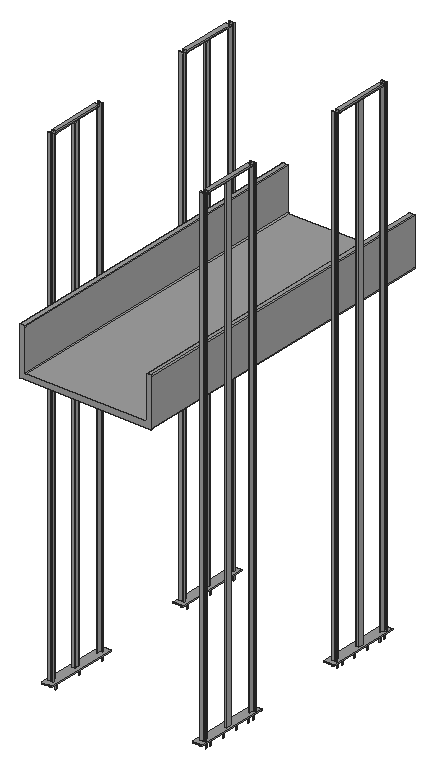
Revit family "SE_Trez_TC_4C_6000_With_Pit", category Specialty Equipment, Revit 2019
Family settings
  Round Connector Dimension = Use Diameter
  Part Type = Normal
  Work Plane-Based = No
  Always vertical = Yes
  Cut with Voids When Loaded = Yes
  Shared = No
  Room Calculation Point = No
Parameters (values of type "Platform-2000x5400mm with Door Height 2500mm")
  Shaft = TREZ_Shaft_Space
  Safe Working Load = 6000.00 kg  # constant formula
  Safe Space = if(Cabin or Platform = Cabin, 900.0 mm, if(and(Cabin or Platform = Platform, Door Clear Height > 1900.0 mm), 600.0 mm, 0.0 mm))  # 600.0 mm
  Platform = Speciality_Equipment_Trez_Platform : Platform
  Door Clear Width = Clear Width  # 2000.0 mm
  Door Clear Height = 2500.0 mm
  Clear Width = 2000.0 mm
  URL = "https://trez.bg/en/products/goods-only-lift-tc/tc-4c-four-cylinder-lift/"
  Shaft Width = Real Width + 2 * Clearance  # 2740.0 mm
  Shaft Depth = Real Depth + 100.0 mm  # 5500.0 mm
  Tower Cladding Material = TREZ_Steel_Cladding
  Real Width = if(Clear Width < 1300.0 mm, 1300.0 mm, if(Clear Width > 2000.0 mm, 2000.0 mm, Clear Width))  # 2000.0 mm
  Real Depth = if(Clear Depth < 2600.0 mm, 2600.0 mm, if(Clear Depth > 5400.0 mm, 5400.0 mm, Clear Depth))  # 5400.0 mm
  Profiles Material = TREZ_Steel
  Platform Material = TREZ_Steel
  Pit Height = 500.0 mm  # constant formula
  Travel = 4500.0 mm
  Rail Height = Travel + Pit Height + Headroom  # 8100.0 mm
  Model = "TC 4C 6000"
  Manufacturer = "TREZ Ltd."
  Headroom = Door Clear Height + Safe Space  # 3100.0 mm
  Description = "Hydraulic goods only lift with four cylinders. "  # constant formula
  Clear Depth = 5400.0 mm
  Created By URL = "https://all1studio.com/"
  Created By = "All 1 Studio Ltd."
  Clearance = 370.0 mm  # constant formula
  Cabin or Platform Back = no
  Cabin or Platform = Speciality_Equipment_Trez_Platform : Platform
  Cabin = Speciality_Equipment_Trez_Cabin : Cabin
Reference planes
  plane 1 "Center (Front/Back)": y = 0
  plane 2: z = 0
  plane 3 "Center (Left/Right)": x = 0
  plane 4: x = -1000
  plane 5: x = 1000
  plane 6: y = 2700
  plane 7: y = -2700
  plane 8: x = 1370
  plane 9: x = -1370
  plane 10: y = 2750
  plane 11: y = -2750
  plane 12: z = 4500
  plane 13 "Top of Lift": z = 7600
  plane 14 "Pit": z = -500
  plane 15: x = -1238.5
  plane 16: x = 1238.5
  plane 17: z = 7540
  plane 18: z = 40
  plane 19: z = -145
  plane 20: y = 1350
  plane 21: y = -1350
Forms (mm)
  Extrusion 1, void
    sketch origin (0, 0, 0) x (1, 0, 0) y (0, 1, 0)
      loop
        line (1370, 2750) -> (-1370, 2750) -> (-1370, -2750) -> (1370, -2750) -> (1370, 2750)
    from 0 to -500
Lines and regions (mm)
  symbolic lines, style "Platform"
    curve 1: line (-1000, 2700, 0) -> (1000, 2700, 0)
    curve 2: line (-1000, -2700, 0) -> (-1000, 2700, 0)
    curve 3: line (1000, -2700, 0) -> (-1000, -2700, 0)
    curve 4: line (1000, 2700, 0) -> (1000, -2700, 0)
    curve 5: line (-1000, 2700, 0) -> (1000, -2700, 0)
    curve 6: line (1000, 2700, 0) -> (-1000, -2700, 0)
  symbolic lines, style "Shaft Volume"
    curve 7: line (-1370, 2750, 0) -> (1370, 2750, 0)
    curve 8: line (-1370, -2750, 0) -> (-1370, 2750, 0)
    curve 9: line (1370, -2750, 0) -> (-1370, -2750, 0)
    curve 10: line (1370, 2750, 0) -> (1370, -2750, 0)
    curve 11: line (-1370, 0, 7600) -> (1370, 0, 7600)
    curve 12: line (-1370, 0, 0) -> (-1370, 0, 7600)
    curve 13: line (1370, 0, 0) -> (-1370, 0, 0)
    curve 14: line (1370, 0, 7600) -> (1370, 0, 0)
    curve 15: line (0, 2750, 7600) -> (0, -2750, 7600)
    curve 16: line (0, 2750, 0) -> (0, 2750, 7600)
    curve 17: line (0, -2750, 0) -> (0, 2750, 0)
    curve 18: line (0, -2750, 7600) -> (0, -2750, 0)
Dimensions and locks
  equal spacing: plane 4, plane 3 "Center (Left/Right)", plane 5
  "Real Width": plane 4 to plane 5
  equal spacing: plane 7, plane 1 "Center (Front/Back)", plane 6
  "Real Depth": plane 7 to plane 6
  "Travel": plane 12 to level
  "Pit Height": level to plane 14 "Pit"
  "Headroom": plane 13 "Top of Lift" to plane 12
  locked: plane 13 "Top of Lift" to plane 17 at 60
  locked: plane 18 to level at 40
  locked: level to plane 19 at 145
  locked: plane 7 to plane 11 at 50
  locked: plane 6 to plane 10 at 50
  locked: plane 9 to plane 15 at 131.5
  locked: plane 16 to plane 8 at 131.5
  "Clearance": plane 5 to plane 8
  "Clearance": plane 9 to plane 4
  equal spacing: plane 1 "Center (Front/Back)", plane 20, plane 6
  equal spacing: plane 7, plane 21, plane 1 "Center (Front/Back)"
  aligned and locked: level to plane 2
  aligned and locked: Extrusion 1 to plane 14 "Pit"
  aligned and locked: plane 1 "Center (Front/Back)" to nested 1
  aligned and locked: nested 1 to plane 3 "Center (Left/Right)"
  aligned and locked: plane 12 to nested 1
  aligned and locked: plane 10 to curve 7
  aligned and locked: curve 8 to plane 9
  aligned and locked: plane 11 to curve 9
  aligned and locked: curve 10 to plane 8
  aligned and locked: curve 11 to plane 13 "Top of Lift"
  aligned and locked: plane 9 to curve 12
  aligned and locked: level to curve 13
  aligned and locked: plane 8 to curve 14
  aligned and locked: plane 13 "Top of Lift" to curve 15
  aligned and locked: curve 16 to plane 10
  aligned and locked: curve 17 to level
  aligned and locked: curve 18 to plane 11
  aligned and locked: Extrusion 1 sketch curve to plane 10
  aligned and locked: Extrusion 1 sketch curve to plane 8
  aligned and locked: Extrusion 1 sketch curve to plane 11
  aligned and locked: Extrusion 1 sketch curve to plane 9
  aligned and locked: plane 15 to nested 2
  aligned and locked: nested 3 to plane 16
  aligned and locked: plane 21 to nested 3
  aligned and locked: nested 2 to plane 21
  aligned and locked: nested 5 to plane 16
  aligned and locked: plane 15 to nested 4
  aligned and locked: nested 5 to plane 20
  aligned and locked: plane 20 to nested 4
  aligned and locked: plane 14 "Pit" to nested 3
  aligned and locked: nested 2 to plane 14 "Pit"
  aligned and locked: nested 4 to plane 14 "Pit"
  aligned and locked: plane 14 "Pit" to nested 5
Automatic sketch dimensions
  curve 3 to plane 4 = 0.0 mm
  curve 4 to plane 5 = 0.0 mm
  curve 3 to plane 7 = 0.0 mm
  plane 6 to curve 2 = 0.0 mm
Nested families
  nested 1: "Speciality_Equipment_Trez_Platform" at (0, 0, 4500), type <- "Cabin or Platform", type "Platform"
    with Width 2000.0 mm, Depth 5400.0 mm, Back Board no
  nested 2: "Generic_Model_Trez_Rails" at (-1238.5, -1350, -500), type "Rails"
    with Height 8100.0 mm
  nested 3: "Generic_Model_Trez_Rails" at (1238.5, -1350, -500) x (-1, 0, 0) z (0, 0, 1), type "Rails"
    with Height 8100.0 mm
  nested 4: "Generic_Model_Trez_Rails" at (-1238.5, 1350, -500), type "Rails"
    with Height 8100.0 mm
  nested 5: "Generic_Model_Trez_Rails" at (1238.5, 1350, -500) x (-1, 0, 0) z (0, 0, 1), type "Rails"
    with Height 8100.0 mm
Definition of nested family "Speciality_Equipment_Trez_Platform"
  Parameters (values of type "Speciality_Equipment_Trez_Platform")
    Width = 3600.0 mm
    Platform Material = none
    Depth = 2900.0 mm
    Back Board = yes
  Reference planes
    plane 1 "Center (Front/Back)": y = 0
    plane 2 "Bottom": z = 0
    plane 3 "Center (Left/Right)": x = 0
    plane 4: x = 1800
    plane 5: x = -1800
    plane 6: y = 1450
    plane 7: y = -1450
    plane 8: x = -1889
    plane 9: x = 1889
    plane 10: y = 1485
    plane 11: z = -89
    plane 12: z = 709
  Forms (mm)
    Extrusion 1, solid, material <- "Platform Material", visible <- "Back Board"
      sketch origin (0, 0, 0) x (1, 0, 0) y (0, 1, 0)
        loop
          line (-1889, 1485) -> (-1889, 1450) -> (1889, 1450) -> (1889, 1485) -> (-1889, 1485)
      from 0 to 709
    Extrusion 2, solid, material <- "Platform Material", detail levels coarse+medium
      sketch origin (0, 0, 0) x (1, 0, 0) y (0, 0, 1)
        loop
          line (-1800, 709) -> (-1889, 709) -> (-1889, -89) -> (1889, -89) -> (1889, 709) -> (1800, 709) -> (1800, 0) -> (-1800, 0) -> (-1800, 709)
      from -1450 to 1450
    Extrusion 3, solid, material <- "Platform Material", detail levels fine
      sketch origin (0, 0, 0) x (1, 0, 0) y (0, 0, 1)
        loop
          arc (-1874, 709) -> (-1884.607, 704.607) -> (-1889, 694) r 15
          line (-1889, 694) -> (-1889, -74)
          arc (-1889, -74) -> (-1884.607, -84.607) -> (-1874, -89) r 15
          line (-1874, -89) -> (1874, -89)
          arc (1874, -89) -> (1884.607, -84.607) -> (1889, -74) r 15
          line (1889, -74) -> (1889, 694)
          arc (1889, 694) -> (1884.607, 704.607) -> (1874, 709) r 15
          line (1874, 709) -> (1815, 709)
          arc (1815, 709) -> (1804.393, 704.607) -> (1800, 694) r 15
          line (1800, 694) -> (1800, 15)
          arc (1800, 15) -> (1795.607, 4.393) -> (1785, 0) r 15
          line (1785, 0) -> (-1785, 0)
          arc (-1785, 0) -> (-1795.607, 4.393) -> (-1800, 15) r 15
          line (-1800, 15) -> (-1800, 694)
          arc (-1800, 694) -> (-1804.393, 704.607) -> (-1815, 709) r 15
          line (-1815, 709) -> (-1874, 709)
      from -1450 to 1450
  Dimensions and locks
    equal spacing: plane 5, plane 3 "Center (Left/Right)", plane 4
    "Width": plane 5 to plane 4
    equal spacing: plane 7, plane 1 "Center (Front/Back)", plane 6
    "Depth": plane 6 to plane 7
    locked: plane 8 to plane 5 at 89
    locked: plane 4 to plane 9 at 89
    locked: plane 10 to plane 6 at 35
    locked: plane 2 "Bottom" to plane 11 at 89
    locked: plane 12 to plane 2 "Bottom" at 709
    aligned and locked: level to plane 2 "Bottom"
    aligned and locked: Extrusion 1 sketch curve to plane 10
    aligned and locked: plane 8 to Extrusion 1 sketch curve
    aligned and locked: plane 5 to Extrusion 2 sketch curve
    aligned and locked: plane 8 to Extrusion 2 sketch curve
    aligned and locked: Extrusion 2 sketch curve to plane 9
    aligned and locked: Extrusion 2 sketch curve to plane 4
    aligned and locked: Extrusion 2 sketch curve to plane 2 "Bottom"
    aligned and locked: Extrusion 2 sketch curve to plane 11
    aligned and locked: Extrusion 2 sketch curve to plane 12
    aligned and locked: Extrusion 2 to plane 6
    aligned and locked: Extrusion 2 to plane 7
    aligned and locked: Extrusion 3 sketch curve to plane 12
    aligned and locked: plane 8 to Extrusion 3 sketch curve
    aligned and locked: plane 5 to Extrusion 3 sketch curve
    aligned and locked: Extrusion 3 sketch curve to plane 4
    aligned and locked: Extrusion 3 sketch curve to plane 9
    aligned and locked: Extrusion 3 sketch curve to plane 2 "Bottom"
    aligned and locked: Extrusion 3 sketch curve to plane 11
    aligned and locked: Extrusion 3 to plane 7
    aligned and locked: Extrusion 3 to plane 6
  Automatic sketch dimensions
    plane 12 to Extrusion 2 sketch curve = 0.0 mm
    Extrusion 1 sketch curve to plane 6 = 0.0 mm
    Extrusion 1 sketch curve to plane 9 = 0.0 mm
    Extrusion 3 sketch curve to plane 12 = 0.0 mm
    Extrusion 3 sketch curve to Extrusion 3 sketch curve = 15.0 mm  (x4)
    plane 5 to Extrusion 3 sketch curve = 15.0 mm
    Extrusion 3 sketch curve to plane 4 = 15.0 mm
    plane 4 to Extrusion 3 sketch curve = 15.0 mm
    Extrusion 3 sketch curve to plane 9 = 15.0 mm
Definition of nested family "Generic_Model_Trez_Rails"
  Parameters (values of type "SE_Trez_Rails")
    Profiles Material = none
    Height = 8720.0 mm
  Reference planes
    plane 1 "Center (Front/Back)": y = 0
    plane 2: z = 0
    plane 3 "Center (Left/Right)": x = 0
    plane 4: x = 87.2
    plane 5: x = -87.2
    plane 6: y = 607.5
    plane 7: y = -607.5
    plane 8: z = 8720
    plane 9: z = 15
    plane 10: z = 8685
    plane 11: z = -95
  Forms (mm)
    Extrusion 1, solid, material <- "Profiles Material", detail levels fine
      sketch origin (0, 0, 0) x (1, 0, 0) y (0, 1, 0)
        loop
          line (77.2, 607.5) -> (-77.2, 607.5)
          arc (-77.2, 607.5) -> (-84.271, 604.571) -> (-87.2, 597.5) r 10
          line (-87.2, 597.5) -> (-87.2, -597.5)
          arc (-87.2, -597.5) -> (-84.271, -604.571) -> (-77.2, -607.5) r 10
          line (-77.2, -607.5) -> (77.2, -607.5)
          arc (77.2, -607.5) -> (84.271, -604.571) -> (87.2, -597.5) r 10
          line (87.2, -597.5) -> (87.2, 597.5)
          arc (87.2, 597.5) -> (84.271, 604.571) -> (77.2, 607.5) r 10
      from 0 to 15
    Extrusion 2, solid, material <- "Profiles Material", detail levels fine
      sketch origin (0, 0, 0) x (1, 0, 0) y (0, 1, 0)
        loop
          line (-61.5, -517.5) -> (28.5, -517.5) -> (28.5, -509.5) -> (-3.5, -509.5)
          arc (-3.5, -509.5) -> (-7.036, -508.036) -> (-8.5, -504.5) r 5
          line (-8.5, -504.5) -> (-8.5, -442.5) -> (-24.5, -442.5) -> (-24.5, -504.5)
          arc (-24.5, -504.5) -> (-25.964, -508.036) -> (-29.5, -509.5) r 5
          line (-29.5, -509.5) -> (-61.5, -509.5) -> (-61.5, -517.5)
        loop
          line (-37.94, -40) -> (-1.94, -40)
          arc (-1.94, -40) -> (8.667, -35.607) -> (13.06, -25) r 15
          line (13.06, -25) -> (13.06, 25)
          arc (13.06, 25) -> (8.667, 35.607) -> (-1.94, 40) r 15
          line (-1.94, 40) -> (-37.94, 40) -> (-37.94, -40)
        loop
          line (-61.5, 517.5) -> (-61.5, 509.5) -> (-29.5, 509.5)
          arc (-29.5, 509.5) -> (-25.964, 508.036) -> (-24.5, 504.5) r 5
          line (-24.5, 504.5) -> (-24.5, 442.5) -> (-8.5, 442.5) -> (-8.5, 504.5)
          arc (-8.5, 504.5) -> (-7.036, 508.036) -> (-3.5, 509.5) r 5
          line (-3.5, 509.5) -> (28.5, 509.5) -> (28.5, 517.5) -> (-61.5, 517.5)
      from 15 to 8720
    Extrusion 3, solid, material <- "Profiles Material", detail levels fine
      sketch origin (0, 0, 0) x (1, 0, 0) y (0, 0, 1)
        loop
          line (-51.5, 8720) -> (-51.5, 8690)
          arc (-51.5, 8690) -> (-50.036, 8686.464) -> (-46.5, 8685) r 5
          line (-46.5, 8685) -> (13.5, 8685)
          arc (13.5, 8685) -> (17.036, 8686.464) -> (18.5, 8690) r 5
          line (18.5, 8690) -> (18.5, 8720) -> (-51.5, 8720)
      from -442.5 to 442.5
    Extrusion 4, solid, material <- "Profiles Material", detail levels coarse+medium
      sketch origin (0, 0, 0) x (1, 0, 0) y (0, 1, 0)
        loop
          line (87.2, 607.5) -> (-87.2, 607.5) -> (-87.2, -607.5) -> (87.2, -607.5) -> (87.2, 607.5)
      from 0 to 15
    Extrusion 5, solid, material <- "Profiles Material", detail levels coarse+medium
      sketch origin (0, 0, 0) x (1, 0, 0) y (0, 1, 0)
        loop
          line (-61.5, -517.5) -> (28.5, -517.5) -> (28.5, -442.5) -> (-61.5, -442.5) -> (-61.5, -517.5)
        loop
          line (-37.94, -40) -> (13.06, -40) -> (13.06, 40) -> (-37.94, 40) -> (-37.94, -40)
        loop
          line (-61.5, 517.5) -> (-61.5, 442.5) -> (28.5, 442.5) -> (28.5, 517.5) -> (-61.5, 517.5)
      from 15 to 8720
    Extrusion 6, solid, material <- "Profiles Material", detail levels coarse+medium
      sketch origin (0, 0, 0) x (1, 0, 0) y (0, 0, 1)
        loop
          line (-51.5, 8720) -> (-51.5, 8690)
          arc (-51.5, 8690) -> (-50.036, 8686.464) -> (-46.5, 8685) r 5
          line (-46.5, 8685) -> (13.5, 8685)
          arc (13.5, 8685) -> (17.036, 8686.464) -> (18.5, 8690) r 5
          line (18.5, 8690) -> (18.5, 8720) -> (-51.5, 8720)
      from -442.5 to 442.5
    Extrusion 7, solid, material <- "Profiles Material", detail levels fine
      sketch origin (0, 0, 0) x (1, 0, 0) y (0, 1, 0)
        loop
          circle (46.2, 480) r 7.5
        loop
          circle (-43.8, 480) r 7.5
        loop
          circle (-43.8, 390) r 7.5
        loop
          circle (46.2, -480) r 7.5
        loop
          circle (-43.8, -480) r 7.5
        loop
          circle (-43.8, -390) r 7.5
        loop
          circle (-43.8, -130) r 7.5
        loop
          circle (-43.8, 130) r 7.5
        loop
          circle (46.2, 0.052) r 7.5
      from -95 to 0
  Cuts and joins
    joined: Extrusion 2, Extrusion 3
    joined: Extrusion 5, Extrusion 6
  Lines and regions (mm)
    symbolic lines
      curve 1: line (28.5, 442.5, 0) -> (-61.5, 442.5, 0)
      curve 2: line (28.5, 517.5, 0) -> (28.5, 442.5, 0)
      curve 3: line (-61.5, 517.5, 0) -> (28.5, 517.5, 0)
      curve 4: line (-61.5, 442.5, 0) -> (-61.5, 517.5, 0)
      curve 5: line (13.06, 40, 0) -> (-37.94, 40, 0)
      curve 6: line (13.06, -40, 0) -> (13.06, 40, 0)
      curve 7: line (-37.94, -40, 0) -> (13.06, -40, 0)
      curve 8: line (-37.94, 40, 0) -> (-37.94, -40, 0)
      curve 9: line (28.5, -442.5, 0) -> (-61.5, -442.5, 0)
      curve 10: line (28.5, -517.5, 0) -> (28.5, -442.5, 0)
      curve 11: line (-61.5, -517.5, 0) -> (28.5, -517.5, 0)
      curve 12: line (-61.5, -442.5, 0) -> (-61.5, -517.5, 0)
      curve 13: line (87.2, -607.5, 0) -> (-87.2, -607.5, 0)
      curve 14: line (87.2, 607.5, 0) -> (87.2, -607.5, 0)
      curve 15: line (-87.2, 607.5, 0) -> (87.2, 607.5, 0)
      curve 16: line (-87.2, -607.5, 0) -> (-87.2, 607.5, 0)
  Dimensions and locks
    equal spacing: plane 5, plane 3 "Center (Left/Right)", plane 4
    plane 5 to plane 4 = 174.4 mm
    equal spacing: plane 6, plane 1 "Center (Front/Back)", plane 7
    plane 7 to plane 6 = 1215.0 mm
    "Height": plane 8 to plane 2
    locked: plane 9 to plane 2 at 15
    locked: plane 8 to Extrusion 3 sketch curve at 35
    locked: plane 8 to plane 10 at 35
    locked: plane 2 to plane 11 at 95
    aligned and locked: level to plane 2
    aligned and locked: Extrusion 1 sketch curve to plane 6
    aligned and locked: plane 4 to Extrusion 1 sketch curve
    aligned and locked: Extrusion 1 sketch curve to plane 7
    aligned and locked: plane 5 to Extrusion 1 sketch curve
    aligned and locked: plane 8 to Extrusion 2
    aligned and locked: Extrusion 1 to plane 9
    aligned and locked: plane 9 to Extrusion 2
    aligned and locked: Extrusion 4 sketch curve to plane 6
    aligned and locked: plane 4 to Extrusion 4 sketch curve
    aligned and locked: Extrusion 4 sketch curve to plane 7
    aligned and locked: plane 5 to Extrusion 4 sketch curve
    aligned and locked: Extrusion 4 to plane 9
    aligned and locked: Extrusion 4 to plane 2
    aligned and locked: plane 8 to Extrusion 5
    aligned and locked: plane 8 to Extrusion 3 sketch curve
    aligned and locked: Extrusion 3 to Extrusion 5  (x2)
    aligned and locked: Extrusion 7 to plane 11
    aligned and locked: plane 2 to Extrusion 7
  Automatic sketch dimensions
    Extrusion 2 sketch curve to plane 5 = 25.7 mm  (x2)
    Extrusion 2 sketch curve to plane 3 "Center (Left/Right)" = 29.5 mm  (x2)
    Extrusion 2 sketch curve to Extrusion 2 sketch curve = 5.0 mm
    Extrusion 2 sketch curve to plane 3 "Center (Left/Right)" = 24.5 mm
    Extrusion 2 sketch curve to plane 3 "Center (Left/Right)" = 8.5 mm  (x2)
    Extrusion 2 sketch curve to plane 3 "Center (Left/Right)" = 3.5 mm  (x2)
    Extrusion 2 sketch curve to plane 3 "Center (Left/Right)" = 1.94 mm  (x2)
    Extrusion 2 sketch curve to Extrusion 2 sketch curve = 15.0 mm
    plane 3 "Center (Left/Right)" to Extrusion 2 sketch curve = 28.5 mm  (x2)
    plane 7 to Extrusion 2 sketch curve = 90.0 mm
    Extrusion 2 sketch curve to Extrusion 2 sketch curve = 8.0 mm  (x3)
    Extrusion 2 sketch curve to Extrusion 2 sketch curve = 62.0 mm  (x2)
    Extrusion 2 sketch curve to plane 1 "Center (Front/Back)" = 25.0 mm
    plane 6 to Extrusion 2 sketch curve = 165.0 mm
    Extrusion 2 sketch curve to Extrusion 2 sketch curve = 0.0 mm
    Extrusion 2 sketch curve to plane 3 "Center (Left/Right)" = 37.94 mm
    plane 1 "Center (Front/Back)" to Extrusion 2 sketch curve = 40.0 mm
    Extrusion 3 sketch curve to Extrusion 3 sketch curve = 5.0 mm  (x2)
    plane 3 "Center (Left/Right)" to Extrusion 3 sketch curve = 13.5 mm
    Extrusion 3 sketch curve to plane 5 = 40.7 mm
    Extrusion 1 sketch curve to plane 5 = 10.0 mm
    Extrusion 1 sketch curve to Extrusion 1 sketch curve = 10.0 mm
    Extrusion 1 sketch curve to plane 4 = 10.0 mm  (x2)
    Extrusion 5 sketch curve to plane 5 = 25.7 mm  (x2)
    Extrusion 5 sketch curve to plane 3 "Center (Left/Right)" = 37.94 mm
    plane 3 "Center (Left/Right)" to Extrusion 5 sketch curve = 28.5 mm  (x2)
    plane 3 "Center (Left/Right)" to Extrusion 5 sketch curve = 13.06 mm
    plane 7 to Extrusion 5 sketch curve = 90.0 mm
    plane 1 "Center (Front/Back)" to Extrusion 5 sketch curve = 40.0 mm
    plane 6 to Extrusion 5 sketch curve = 165.0 mm
    Extrusion 5 sketch curve to Extrusion 5 sketch curve = 75.0 mm  (x2)
    Extrusion 5 sketch curve to plane 1 "Center (Front/Back)" = 40.0 mm
    Extrusion 6 sketch curve to plane 8 = 0.0 mm
    Extrusion 6 sketch curve to plane 10 = 0.0 mm
    plane 10 to Extrusion 6 sketch curve = 5.0 mm  (x2)
    Extrusion 6 sketch curve to plane 5 = 35.7 mm
    plane 3 "Center (Left/Right)" to Extrusion 6 sketch curve = 13.5 mm
    curve 16 to plane 5 = 0.0 mm
    curve 15 to plane 4 = 0.0 mm
    curve 13 to plane 7 = 0.0 mm
    plane 6 to curve 15 = 0.0 mm
    curve 3 to plane 5 = 25.7 mm
    curve 12 to plane 5 = 25.7 mm
    curve 5 to plane 3 "Center (Left/Right)" = 37.94 mm
    plane 3 "Center (Left/Right)" to curve 5 = 13.06 mm
    plane 3 "Center (Left/Right)" to curve 11 = 28.5 mm
    plane 3 "Center (Left/Right)" to curve 2 = 28.5 mm
    plane 7 to curve 11 = 90.0 mm
    curve 10 to curve 10 = 75.0 mm
    plane 1 "Center (Front/Back)" to curve 7 = 40.0 mm
    curve 5 to plane 1 "Center (Front/Back)" = 40.0 mm
    plane 6 to curve 2 = 165.0 mm
    curve 1 to curve 3 = 75.0 mm
    Extrusion 7 sketch curve to plane 5 = 43.4 mm  (x6)
    Extrusion 7 sketch curve to plane 4 = 41.0 mm  (x3)
    plane 7 to Extrusion 7 sketch curve = 127.5 mm
    Extrusion 7 sketch curve to Extrusion 7 sketch curve = 0.0 mm  (x2)
    Extrusion 7 sketch curve to Extrusion 7 sketch curve = 90.0 mm  (x2)
    plane 6 to Extrusion 7 sketch curve = 217.5 mm
    Extrusion 7 sketch curve to plane 1 "Center (Front/Back)" = 0.052 mm
    plane 1 "Center (Front/Back)" to Extrusion 7 sketch curve = 130.0 mm
    Extrusion 7 sketch curve to plane 1 "Center (Front/Back)" = 130.0 mm
    radius of Extrusion 7 sketch curve = 7.5 mm  (x9)
